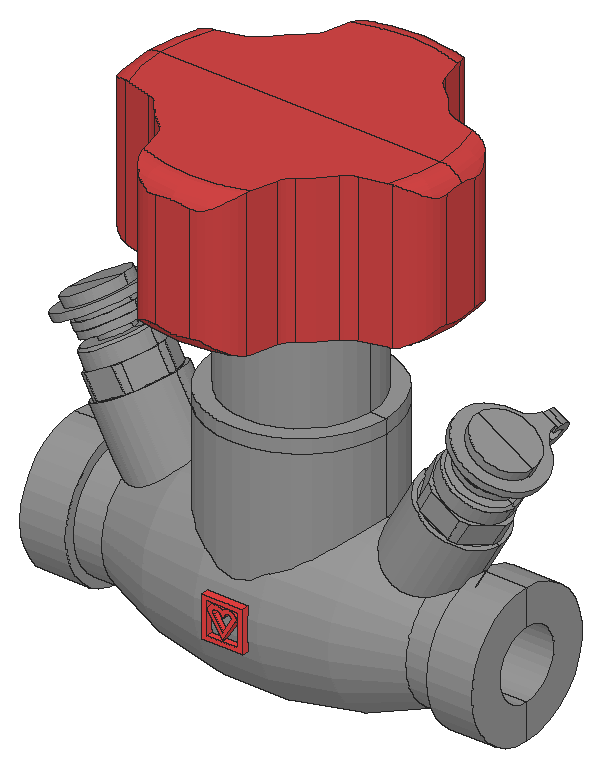
Revit family "HERZ Strömax Commissioning Valve With Test Points, Straight Body 4217 GM (LF-MF)", category Rohrzubehör, Revit 2020
Family settings
  Bemaßung runder Anschluss = Durchmesser verwenden
  Teiletyp = Unterbricht
  OmniClass-Nummer = 23.65.55.14
  OmniClass-Titel = Valves for Liquid Services
  Arbeitsebenenbasiert = Nein
  Immer vertikal = Ja
  Beim Laden mit Abzugskörper schneiden = Nein
  Gemeinsam genutzt = Nein
Parameters (values of type "MF")
  kvs-value [instance] = if(and(LF, Nennweite = 15.00 mm), 0.93, if(and(MF, Nennweite = 15.00 mm), 3.49, 0))  # 3.49
  W02 = 60.00°  # constant formula
  W01 = 30.00°  # constant formula
  Vorgabe-Ansicht = 0.00 mm
  URL = "www.herzvalves.com"
  SC_NennweiteBerechnet = 0
  SC_Dimension = ""
  SCRNSEQ = "ARM;ARM_TYP=\"STRV\";2"
  SCRNCODE = "05;07;02"  # constant formula
  S02 = 60.00 mm  # constant formula
  S01 [instance] = H00 + H01  # 68.20 mm
  R01 [instance] = 21.00 mm  # constant formula
  Part number [instance] = if(and(LF, Nennweite = 15.00 mm), 1421730, if(and(MF, Nennweite = 15.00 mm), 1421731, 0))  # 1421731
  Nennweite [instance] = 15.00 mm
  Model = "STRÖMAX-GM commissioning valve with test points, 1/2′′ – 3′′:\r\nScrew down model, brass version, socket x socket, non-rising spindle, spindle seal by means of double-O-ring, presetting by limitation of valve lift by means of internal spindle;\r\ndigital display of presetting step at the hand wheel window.\r\n2 standard test points are located adjacent to the hand wheel."
  Medium = "Water purity in accordance with the OeNORM H5195 and VDI 2035 standards.\r\nEthylene and propylene glycol can be mixed to a ratio of 25 - 50 vol. [%]."
  Max. operating pressure = 1600000.0 Pa  # constant formula
  Max. operating temperature (up to DN32) = 130 °C  # constant formula
  Max. operating temperature (from DN40) = 110 °C  # constant formula
  ML02 [instance] = 30.20 mm  # constant formula
  ML01 [instance] = 20.67 mm  # constant formula
  MF [instance] = yes
  MD01 = 9.50 mm  # constant formula
  LF [instance] = no
  L02 [instance] = 10.00 mm  # constant formula
  L01 [instance] = 16.30 mm  # constant formula
  L00 [instance] = 100.00 mm  # constant formula
  IG [instance] = Nennweite / 2  # 7.50 mm
  Hersteller = "HERZ Armaturen Ges.m.b.H."  # constant formula
  H04 [instance] = 2.50 mm  # constant formula
  H03 = 10.00 mm  # constant formula
  H02 [instance] = 3.00 mm  # constant formula
  H01 [instance] = 33.30 mm  # constant formula
  H00 [instance] = 34.90 mm  # constant formula
  Weight [instance] = if(and(LF, Nennweite = 15.00 mm), "0.86 kg", if(and(MF, Nennweite = 15.00 mm), "0.89 kg", "0 kg"))  # "0.89 kg"
  GT [instance] = 15.00 mm  # constant formula
  Field of application = "For hydraulic balancing in heating and cooling systems, adjustment of distribution mains, circuits, heat exchangers, heating and cooling registers, etc."
  Installation position = "The non-rising valve spindle arranged perpendicular to the valve axis guarantees optimum accessibility and optimum valve operation in any installation position."
  Differential pressure measurement = "STRÖMAX-GM commissioning valve is equipped with two test points.\r\nThe differential pressure can be measured using a suitable measuring instrument, which permits calculation of the flow rate as a function of the respective presetting step.\r\nThe HERZ-Measuring computer (1 8900 05) permits direct flow rate reading (consult the equipment manual)."
  DN50-DN80 [instance] = H00 + H01  # 68.20 mm
  DN15-DN40 [instance] = H00 + H01  # 68.20 mm
  DN15 [instance] = Nennweite = 15.00 mm  # yes
  D06 [instance] = 15.40 mm  # constant formula
  D05 [instance] = 13.15 mm  # constant formula
  D04 = 9.00 mm  # constant formula
  D03 [instance] = 19.00 mm  # constant formula
  D02 [instance] = 15.25 mm  # constant formula
  D01 [instance] = 13.20 mm  # constant formula
  Body = "DZR brass"  # constant formula
Types (3, lengths in mm): name | kvs-value | Part number | MF | LF | Weight
  (no name) | 3.49 | 1421731 | yes | no | "0.89 kg"
  LF | 0.93 | 1421730 | no | yes | "0.86 kg"
  MF | 3.49 | 1421731 | yes | no | "0.89 kg"
Reference planes
  plane 1 "Mitte (Vorne/hinten)": y = 0
  plane 2: z = 0
  plane 3 "Mitte (Links/rechts)": x = 0
Forms (mm)
  Revolve 1, solid, material "Messing, weicher Gelbton, geschweißt", detail levels fine
    sketch origin (0, 0, 0) x (1, 0, 0) y (0, 0, 1)
      loop
        line (-50, 15.25) -> (-50, 7.5) -> (-35, 7.5) -> (-35, 0) -> (35, 0) -> (35, 7.5) -> (50, 7.5) -> (50, 15.25) -> (40, 15.25) -> (40, 13.2) -> (33.7, 13.2)
        arc (33.7, 13.2) -> (0, 21) -> (-33.7, 13.2) r 76.701
        line (-33.7, 13.2) -> (-40, 13.2) -> (-40, 15.25) -> (-50, 15.25)
      axis (-50, 0) -> (50, 0)
    angle from 0 to 360
  Revolve 2, solid, material "Messing, weicher Gelbton, geschweißt", detail levels fine
    sketch origin (0, 0, 0) x (1, 0, 0) y (0, 0, 1)
      loop
        line (20.67, 0) -> (35.77, 26.154) -> (27.543, 30.904) -> (12.443, 4.75) -> (20.67, 0)
      axis (20.67, 0) -> (35.77, 26.154)
    angle from 0 to 360
  Revolve 3, solid, material "Messing, weicher Gelbton, geschweißt", detail levels fine
    sketch origin (0, 0, 0) x (1, 0, 0) y (0, 0, 1)
      loop
        line (0, 0) -> (0, 34.9) -> (-19, 34.9) -> (-19, 0) -> (0, 0)
      axis (0, 34.9) -> (0, 0)
    angle from 0 to 360
  Revolve 4, solid, material "Messing, weicher Gelbton, geschweißt", detail levels fine
    sketch origin (0, 0, 0) x (-1, 0, 0) y (0, 0, 1)
      loop
        line (20.67, 0) -> (35.77, 26.154) -> (27.543, 30.904) -> (12.443, 4.75) -> (20.67, 0)
      axis (20.67, 0) -> (35.77, 26.154)
    angle from 0 to 360
  Revolve 5, solid, material "Messing, weicher Gelbton, geschweißt", detail levels fine
    sketch origin (0, 0, 0) x (1, 0, 0) y (0, 0, 1)
      loop
        line (0, 34.9) -> (0, 68.2) -> (-9, 68.2) -> (-9, 58.2) -> (-13.15, 58.2) -> (-13.15, 55.7) -> (-15.4, 55.7) -> (-15.4, 37.9) -> (-19, 37.9) -> (-19, 34.9) -> (0, 34.9)
      axis (0, 68.2) -> (0, 34.9)
    angle from 0 to 360
Lines and regions (mm)
  model lines, detail levels coarse+medium
    curve 1: line (-50, 0, 15.25) -> (-50, 0, -15.25)
    curve 2: line (-50, 0, -15.25) -> (50, 0, 15.25)
    curve 3: line (50, 0, 15.25) -> (50, 0, -15.25)
    curve 4: line (50, 0, -15.25) -> (-50, 0, 15.25)
    curve 5: line (0, 0, 0) -> (39.375, 0, 68.2)
    curve 6: line (13.395, 0, 83.2) -> (65.356, 0, 53.2)
    curve 7: line (-50, 15.25, 0) -> (-50, -15.25, 0)
    curve 8: line (-50, -15.25, 0) -> (50, 15.25, 0)
    curve 9: line (50, 15.25, 0) -> (50, -15.25, 0)
    curve 10: line (50, -15.25, 0) -> (-50, 15.25, 0)
    curve 11: line (0, 0, 0) -> (39.375, 68.2, 0)
    curve 12: line (13.395, 83.2, 0) -> (65.356, 53.2, 0)
Dimensions and locks
  "IG": Revolve 1 sketch curve to plane 2
  "GT": Revolve 1 sketch curve to Revolve 1 sketch curve  (x2)
  "IG": Revolve 1 sketch curve to Revolve 1 sketch curve
  "D01": Revolve 1 sketch curve to Revolve 1 sketch curve  (x2)
  "R01": Revolve 1 sketch curve to Revolve 1 sketch curve
  "L02": Revolve 1 sketch curve to Revolve 1 sketch curve  (x2)
  "L01": Revolve 1 sketch curve to Revolve 1 sketch curve  (x2)
  "D02": Revolve 1 sketch curve to plane 2  (x2)
  equal spacing: Revolve 1 sketch curve, plane 3 "Mitte (Links/rechts)", Revolve 1 sketch curve
  "L00": Revolve 1 sketch curve to Revolve 1 sketch curve
  "R01": nested 1 to plane 1 "Mitte (Vorne/hinten)"
  "ML01": Revolve 2 sketch curve to plane 3 "Mitte (Links/rechts)"
  "H00": Revolve 3 sketch curve to plane 2
  "D03": Revolve 3 sketch curve to Revolve 3 sketch curve
  "ML02": Revolve 2 sketch curve to Revolve 2 sketch curve
  "MD01": Revolve 2 sketch curve to Revolve 2 sketch curve  (x2)
  "ML02": Revolve 4 sketch curve to Revolve 4 sketch curve
  "MD01": Revolve 4 sketch curve to Revolve 4 sketch curve  (x2)
  "ML01": plane 3 "Mitte (Links/rechts)" to Revolve 4 sketch curve
  "H00": Revolve 5 sketch curve to plane 2
  "H01": Revolve 5 sketch curve to Revolve 5 sketch curve
  "D04": Revolve 5 sketch curve to Revolve 5 sketch curve
  "D03": Revolve 5 sketch curve to Revolve 5 sketch curve
  "D05": Revolve 5 sketch curve to Revolve 5 sketch curve
  "D06": Revolve 5 sketch curve to Revolve 5 sketch curve
  "H02": Revolve 5 sketch curve to Revolve 5 sketch curve
  "H03": Revolve 5 sketch curve to Revolve 5 sketch curve
  "H04": Revolve 5 sketch curve to Revolve 5 sketch curve
  "DN15-DN40": nested 2 to plane 2
  "D02": curve 4 to plane 2 to curve 2
  "D02": curve 3 to plane 2 to curve 4
  equal spacing: curve 1, plane 3 "Mitte (Links/rechts)", curve 3
  "L00": curve 1 to curve 3
  equal spacing: Revolve 1, curve 5, Revolve 1
  "S01": curve 5 to plane 2
  equal spacing: curve 6, curve 5, curve 6
  "S02": curve 6 to curve 6
  "D02": curve 8 to plane 1 "Mitte (Vorne/hinten)" to curve 10
  "D02": curve 10 to plane 1 "Mitte (Vorne/hinten)" to curve 9
  equal spacing: curve 7, plane 3 "Mitte (Links/rechts)", curve 9
  "L00": curve 7 to curve 9
  equal spacing: curve 7, curve 11, curve 9
  "S01": plane 1 "Mitte (Vorne/hinten)" to curve 11
  equal spacing: curve 12, curve 11, curve 12
  "S02": curve 12 to curve 12
  "W01": angle Revolve 2 sketch curve to plane 3 "Mitte (Links/rechts)"  (x2)
  "W01": angle plane 3 "Mitte (Links/rechts)" to Revolve 4 sketch curve  (x2)
  "W02": angle plane 2 to curve 5
  "W02": angle plane 1 "Mitte (Vorne/hinten)" to curve 11
  aligned and locked: level to plane 2
Automatic sketch dimensions
  Revolve 1 sketch curve to level = 0.00 mm  (x2)
  Revolve 1 sketch curve to Revolve 1 sketch curve = 1429.986 mm
  Revolve 1 sketch curve to Revolve 1 sketch curve = 1762.604 mm
  Revolve 2 sketch curve to level = 0.00 mm  (x2)
  Revolve 3 sketch curve to level = 0.00 mm
  Revolve 3 sketch curve to plane 3 "Mitte (Links/rechts)" = 0.00 mm  (x2)
  Revolve 3 sketch curve to Revolve 3 sketch curve = 366.045 mm
  Revolve 3 sketch curve to Revolve 3 sketch curve = 2179.415 mm
  Revolve 4 sketch curve to level = 0.00 mm  (x2)
  Revolve 5 sketch curve to plane 3 "Mitte (Links/rechts)" = 0.00 mm  (x2)
  Revolve 5 sketch curve to level = 366.045 mm
  Revolve 5 sketch curve to Revolve 5 sketch curve = 2146.115 mm
Nested families
  nested 1: "Herz-Logo-vorne" at (0, -21, 0) x (0, 1, 0) z (0, 0, 1), type "Herz-Logo-vorne", detail levels fine
  nested 2: "Strangregulierventil-Handrad-Gerade (Rot) DN15-DN40" at (0, 0, 68.2), visible <- "DN15", type "Strangregulierventil-Handrad-Gerade (Rot) DN15-DN40", detail levels fine
    with Nennweite 0.00 mm, Gewicht 0.00 kg, Bestellnummer 0
  nested 3: "Messstutzen_Band_Austritt_30Grad_(oben)" at (27.02, 0, 10.999), visible <- "DN15", type "Messstutzen_Band_Austritt_30Grad_(oben)", detail levels fine
    with Schutzkappe yes, Nennweite 0.00 mm, Gewicht 0.00 kg, Bestellnummer 0
  nested 4: "Messstutzen_Band_Eintritt_30Grad_(oben)" at (-27.02, 0, 10.999) x (-1, 0, 0) z (0, 0, 1), visible <- "DN15", type "Messstutzen_Band_Eintritt_30Grad_(oben)", detail levels fine
    with Schutzkappe yes, Nennweite 0.00 mm, Gewicht 0.00 kg, Bestellnummer 0
Connectors
  piping at (-35, 0, 0), diameter 15, driven by "Nennweite"
    settings: on Revolve 1, index 1, connector inside diameter 609.6 mm, connector length 0.00 mm, flow factor 0, pipe flow 0.0 L/s, pressure drop 0.0 Pa, fitting loss kfactor 0, connector angle 0.00°, fixture units 0, engagement length 0.00 mm, angle of deflection 0.00°, flow configuration 0, flow direction 1, fitting loss method 0, system type 29, joint type 0, gender type 0, connector reference index -1, connector utility 0, adjustable connector no, is connector primary yes, connector description ""
  piping at (35, 0, 0), diameter 15, driven by "Nennweite"
    settings: on Revolve 1, index 2, connector inside diameter 609.6 mm, connector length 0.00 mm, flow factor 0, pipe flow 0.0 L/s, pressure drop 0.0 Pa, fitting loss kfactor 0, connector angle 0.00°, fixture units 0, engagement length 0.00 mm, angle of deflection 0.00°, flow configuration 0, flow direction 2, fitting loss method 0, system type 29, joint type 0, gender type 0, connector reference index -1, connector utility 0, adjustable connector no, is connector primary no, connector description ""
Definition of nested family "Herz-Logo-vorne"
  Parameters (values of type "Herz-Logo-vorne")
    Default Elevation = 0.00 mm
  Reference planes
    plane 1 "Mitte (Vorne/hinten)": y = 0
    plane 2: z = 0
    plane 3 "Mitte (Links/rechts)": x = 0
  Forms (mm)
    Extrusion 1, solid
      sketch origin (0.732, -0.018, 0.017) x (0, -1, 0) y (0, 0, 1)
        loop
          line (-0.018, -4.517) -> (4.482, -4.517) -> (4.482, 4.483) -> (-4.518, 4.483) -> (-4.518, -4.517) -> (-0.018, -4.517)
        loop
          line (-0.05, -3.48) -> (3.482, -3.48) -> (3.482, 3.483) -> (-3.518, 3.483) -> (-3.518, -3.48) -> (-0.05, -3.48)
        loop
          arc (-0.018, 2.383) -> (-1.543, 3.287) -> (-3.067, 2.383) r 1.738
          arc (-3.067, 2.383) -> (-3.191, 1.899) -> (-3.067, 1.415) r 1.009
          line (-3.067, 1.415) -> (-0.018, -3.281) -> (3.032, 1.415)
          arc (3.032, 1.415) -> (3.156, 1.899) -> (3.032, 2.383) r 1.009
          arc (3.032, 2.383) -> (1.507, 3.287) -> (-0.018, 2.383) r 1.738
        loop
          arc (1.885, 1.272) -> (2.005, 1.675) -> (1.885, 2.079) r 0.74
          arc (1.885, 2.079) -> (1.265, 2.416) -> (0.644, 2.079) r 0.74
          line (0.644, 2.079) -> (-0.018, 0.97) -> (-0.679, 2.079)
          arc (-0.679, 2.079) -> (-1.3, 2.416) -> (-1.921, 2.079) r 0.74
          arc (-1.921, 2.079) -> (-2.04, 1.675) -> (-1.921, 1.272) r 0.74
          line (-1.921, 1.272) -> (-0.018, -1.658) -> (1.885, 1.272)
      from 0 to 1.5
  Dimensions and locks
    aligned and locked: level to plane 2
Definition of nested family "Strangregulierventil-Handrad-Gerade (Rot) DN15-DN40"
  Parameters (values of type "Strangregulierventil-Handrad-Gerade (Rot) DN15-DN40")
    Default Elevation = 0.00 mm
    URL = "www.herz-armaturen.at"
    Nennweite [instance] = 0.00 mm
    Manufacturer = "Herz Armaturen GmbH"  # constant formula
    Gewicht [instance] = 0.00 kg
    Bestellnummer [instance] = 0
  Reference planes
    plane 1 "Mitte (Vorne/hinten)": y = 0
    plane 2: z = 0
    plane 3 "Mitte (Links/rechts)": x = 0
  Forms (mm)
    Revolve 1, solid, detail levels fine
      sketch origin (0, 0, 0) x (1, 0, 0) y (0, 0, 1)
        loop
          line (0, 0) -> (0, 24.95) -> (-30.992, 24.95)
          arc (-30.992, 24.95) -> (-34.37, 23.636) -> (-35.973, 20.386) r 5
          line (-35.973, 20.386) -> (-37, 8.65) -> (-35.986, -2.936)
          arc (-35.986, -2.936) -> (-34.383, -6.186) -> (-31.005, -7.5) r 5
          line (-31.005, -7.5) -> (-15, -7.5) -> (-15, 0) -> (0, 0)
        axis (0, 24.95) -> (0, -7.5)
      angle from 0 to 360
    Extrusion 2, void
      sketch origin (0, 0, 20.3) x (1, 0, 0) y (0, 1, 0)
        loop
          line (3.861, 35.5) -> (-3.861, 35.5)
          arc (-3.861, 35.5) -> (-8.731, 33.847) -> (-11.589, 29.571) r 8
          line (-11.589, 29.571) -> (-13.284, 23.245)
          arc (-13.284, 23.245) -> (-13.982, 21.722) -> (-15.144, 20.516) r 5
          arc (-15.144, 20.516) -> (-18.031, 18.031) -> (-20.516, 15.144) r 25.5
          arc (-20.516, 15.144) -> (-21.722, 13.982) -> (-23.245, 13.284) r 5
          line (-23.245, 13.284) -> (-29.571, 11.589)
          arc (-29.571, 11.589) -> (-33.847, 8.731) -> (-35.5, 3.861) r 8
          line (-35.5, 3.861) -> (-35.5, -3.861)
          arc (-35.5, -3.861) -> (-33.847, -8.731) -> (-29.571, -11.589) r 8
          line (-29.571, -11.589) -> (-23.245, -13.284)
          arc (-23.245, -13.284) -> (-21.722, -13.982) -> (-20.516, -15.144) r 5
          arc (-20.516, -15.144) -> (-18.031, -18.031) -> (-15.144, -20.516) r 25.5
          arc (-15.144, -20.516) -> (-13.982, -21.722) -> (-13.284, -23.245) r 5
          line (-13.284, -23.245) -> (-11.589, -29.571)
          arc (-11.589, -29.571) -> (-8.731, -33.847) -> (-3.861, -35.5) r 8
          line (-3.861, -35.5) -> (3.861, -35.5)
          arc (3.861, -35.5) -> (8.731, -33.847) -> (11.589, -29.571) r 8
          line (11.589, -29.571) -> (13.284, -23.245)
          arc (13.284, -23.245) -> (13.982, -21.722) -> (15.144, -20.516) r 5
          arc (15.144, -20.516) -> (18.031, -18.031) -> (20.516, -15.144) r 25.5
          arc (20.516, -15.144) -> (21.722, -13.982) -> (23.245, -13.284) r 5
          line (23.245, -13.284) -> (29.571, -11.589)
          arc (29.571, -11.589) -> (33.847, -8.731) -> (35.5, -3.861) r 8
          line (35.5, -3.861) -> (35.5, 3.861)
          arc (35.5, 3.861) -> (33.847, 8.731) -> (29.571, 11.589) r 8
          line (29.571, 11.589) -> (23.245, 13.284)
          arc (23.245, 13.284) -> (21.722, 13.982) -> (20.516, 15.144) r 5
          arc (20.516, 15.144) -> (18.031, 18.031) -> (15.144, 20.516) r 25.5
          arc (15.144, 20.516) -> (13.982, 21.722) -> (13.284, 23.245) r 5
          line (13.284, 23.245) -> (11.589, 29.571)
          arc (11.589, 29.571) -> (8.731, 33.847) -> (3.861, 35.5) r 8
        loop
          circle (0, 0) r 38
      from -31.266 to 7.923
  Cuts and joins
    Extrusion 2 cuts Revolve 1
  Dimensions and locks
    Revolve 1 sketch curve to Revolve 1 sketch curve = 15.00 mm
    Revolve 1 sketch curve to Revolve 1 sketch curve = 16.15 mm
    Revolve 1 sketch curve to Revolve 1 sketch curve = 16.30 mm
    angle Revolve 1 sketch curve to Revolve 1 sketch curve = 95.00°
    aligned and locked: level to plane 2
Definition of nested family "Messstutzen_Band_Austritt_30Grad_(oben)"
  Parameters (values of type "Messstutzen_Band_Austritt_30Grad_(oben)")
    Default Elevation = 0.00 mm
    URL = "www.herz-armaturen.at"
    Schutzkappe [instance] = yes
    Nennweite [instance] = 0.00 mm
    Manufacturer = "Herz Armaturen GmbH"  # constant formula
    Gewicht [instance] = 0.00 kg
    Bestellnummer [instance] = 0
  Reference planes
    plane 1 "Mitte (Vorne/hinten)": y = 0
    plane 2: z = 0
    plane 3 "Mitte (Links/rechts)": x = 0
  Forms (mm)
    Revolve 1, solid, detail levels fine
      sketch origin (0, 0, 0) x (0.866025, 0, -0.5) y (0.5, 0, 0.866025)
        loop
          line (-7.4, 9) -> (-5.55, 9) -> (-5.55, 6)
          arc (-5.55, 6) -> (-5.626, 5.617) -> (-5.843, 5.293) r 1
          line (-5.843, 5.293) -> (-6.455, 4.681) -> (-6.455, 0.9) -> (-5.555, 0) -> (-2, 0) -> (-2, 17.5) -> (-8.4, 17.5)
          arc (-8.4, 17.5) -> (-7.693, 17.207) -> (-7.4, 16.5) r 1
          line (-7.4, 16.5) -> (-7.4, 9)
        loop
          line (-3.7, 27) -> (-7.3, 27) -> (-7.9, 26.4) -> (-7.9, 23) -> (-2, 23) -> (-2, 35.8) -> (-3.805, 35.8) -> (-4.415, 35.19) -> (-4.415, 30.863) -> (-3.7, 30.45) -> (-3.7, 27)
        axis (0, 0) -> (0, 35.8)
      angle from 0 to 360
    Extrusion 2, solid, detail levels fine
      sketch origin (8.75, 0, 15.155) x (0, 1, 0) y (-0.866025, 0, 0.5)
        loop
          arc (-7.07, 5.156) -> (-7.578, 4.375) -> (-8, 3.544) r 8.75
          line (-8, 3.544) -> (-8, -3.544)
          arc (-8, -3.544) -> (-7.578, -4.375) -> (-7.07, -5.156) r 8.75
          line (-7.07, -5.156) -> (-0.93, -8.7)
          arc (-0.93, -8.7) -> (0, -8.75) -> (0.93, -8.7) r 8.75
          line (0.93, -8.7) -> (7.07, -5.156)
          arc (7.07, -5.156) -> (7.578, -4.375) -> (8, -3.544) r 8.75
          line (8, -3.544) -> (8, 3.544)
          arc (8, 3.544) -> (7.578, 4.375) -> (7.07, 5.156) r 8.75
          line (7.07, 5.156) -> (0.93, 8.7)
          arc (0.93, 8.7) -> (0, 8.75) -> (-0.93, 8.7) r 8.75
          line (-0.93, 8.7) -> (-7.07, 5.156)
      from 0 to 5.5
    Revolve 3, solid, visible <- "Schutzkappe", detail levels fine
      sketch origin (0, 0, 0) x (0.866025, 0, -0.5) y (0.5, 0, 0.866025)
        loop
          line (0, 35.878) -> (0, 36.678) -> (-7, 36.678) -> (-7, 33.378) -> (-6.1, 33.378) -> (-6.1, 31.678) -> (-6.9, 31.678) -> (-6.9, 30.178) -> (-4.415, 30.178) -> (-4.415, 35.268) -> (-3.805, 35.878) -> (0, 35.878)
        axis (0, 30.178) -> (0, 36.678)
      angle from 0 to 360
    Extrusion 4, solid, detail levels fine
      sketch origin (14.25, 0, 24.682) x (0, 1, 0) y (0.866025, 0, -0.5)
        loop
          circle (0, 0) r 3.7
        loop
          arc (5.505, -3.906) -> (7.288, -2.358) -> (9.582, -1.8) r 5
          line (9.582, -1.8) -> (9.582, 1.8)
          arc (9.582, 1.8) -> (7.288, 2.358) -> (5.505, 3.906) r 5
          arc (5.505, 3.906) -> (-6.75, 0) -> (5.505, -3.906) r 6.75
      from 0 to -1.5
    Extrusion 5, solid, detail levels fine
      sketch origin (16.589, 0, 28.733) x (0, 1, 0) y (0.866025, 0, -0.5)
        loop
          circle (0, 0) r 6.1
        loop
          arc (8.652, -4.495) -> (10.493, -2.527) -> (13.089, -1.8) r 5
          line (13.089, -1.8) -> (13.089, 1.8)
          arc (13.089, 1.8) -> (10.493, 2.527) -> (8.652, 4.495) r 5
          arc (8.652, 4.495) -> (-9.75, 0) -> (8.652, -4.495) r 9.75
      from 0 to -1.5
    Sweep 6, solid, detail levels fine
      path origin (1.029, 0.159, 0.98) x (-0.5, 0, -0.866025) y (0, 1, 0)
        loop
          line (-27.75, 9.582) -> (-27.75, 14.522)
          arc (-27.75, 14.522) -> (-30.089, 16.862) -> (-32.428, 14.522) r 2.339
          line (-32.428, 14.522) -> (-32.428, 13.089)
      profile origin (14.904, 12.211, 25.012) x (0.5, 0, 0.866025) y (0.866025, 0, -0.5)
        loop
          line (-0.75, -1.8) -> (0.75, -1.8) -> (0.75, 1.8) -> (-0.75, 1.8) -> (-0.75, -1.8)
  Dimensions and locks
    aligned and locked: level to plane 2
Definition of nested family "Messstutzen_Band_Eintritt_30Grad_(oben)"
  Parameters (values of type "Messstutzen_Band_Eintritt_30Grad_(oben)")
    Default Elevation = 0.00 mm
    URL = "www.herz-armaturen.at"
    Schutzkappe [instance] = yes
    Nennweite [instance] = 0.00 mm
    Manufacturer = "Herz Armaturen GmbH"  # constant formula
    Gewicht [instance] = 0.00 kg
    Bestellnummer [instance] = 0
  Reference planes
    plane 1 "Mitte (Vorne/hinten)": y = 0
    plane 2: z = 0
    plane 3 "Mitte (Links/rechts)": x = 0
  Forms (mm)
    Revolve 1, solid, detail levels fine
      sketch origin (0, 0, 0) x (0.866025, 0, -0.5) y (0.5, 0, 0.866025)
        loop
          line (-7.4, 9) -> (-5.55, 9) -> (-5.55, 6)
          arc (-5.55, 6) -> (-5.626, 5.617) -> (-5.843, 5.293) r 1
          line (-5.843, 5.293) -> (-6.455, 4.681) -> (-6.455, 0.9) -> (-5.555, 0) -> (-2, 0) -> (-2, 17.5) -> (-8.4, 17.5)
          arc (-8.4, 17.5) -> (-7.693, 17.207) -> (-7.4, 16.5) r 1
          line (-7.4, 16.5) -> (-7.4, 9)
        loop
          line (-3.7, 27) -> (-7.3, 27) -> (-7.9, 26.4) -> (-7.9, 23) -> (-2, 23) -> (-2, 35.8) -> (-3.805, 35.8) -> (-4.415, 35.19) -> (-4.415, 30.863) -> (-3.7, 30.45) -> (-3.7, 27)
        axis (0, 0) -> (0, 35.8)
      angle from 0 to 360
    Extrusion 2, solid, detail levels fine
      sketch origin (8.75, 0, 15.155) x (0, 1, 0) y (-0.866025, 0, 0.5)
        loop
          arc (-7.07, 5.156) -> (-7.578, 4.375) -> (-8, 3.544) r 8.75
          line (-8, 3.544) -> (-8, -3.544)
          arc (-8, -3.544) -> (-7.578, -4.375) -> (-7.07, -5.156) r 8.75
          line (-7.07, -5.156) -> (-0.93, -8.7)
          arc (-0.93, -8.7) -> (0, -8.75) -> (0.93, -8.7) r 8.75
          line (0.93, -8.7) -> (7.07, -5.156)
          arc (7.07, -5.156) -> (7.578, -4.375) -> (8, -3.544) r 8.75
          line (8, -3.544) -> (8, 3.544)
          arc (8, 3.544) -> (7.578, 4.375) -> (7.07, 5.156) r 8.75
          line (7.07, 5.156) -> (0.93, 8.7)
          arc (0.93, 8.7) -> (0, 8.75) -> (-0.93, 8.7) r 8.75
          line (-0.93, 8.7) -> (-7.07, 5.156)
      from 0 to 5.5
    Revolve 3, solid, visible <- "Schutzkappe", detail levels fine
      sketch origin (0, 0, 0) x (0.866025, 0, -0.5) y (0.5, 0, 0.866025)
        loop
          line (0, 35.878) -> (0, 36.678) -> (-7, 36.678) -> (-7, 33.378) -> (-6.1, 33.378) -> (-6.1, 31.678) -> (-6.9, 31.678) -> (-6.9, 30.178) -> (-4.415, 30.178) -> (-4.415, 35.268) -> (-3.805, 35.878) -> (0, 35.878)
        axis (0, 30.178) -> (0, 36.678)
      angle from 0 to 360
    Extrusion 4, solid, detail levels fine
      sketch origin (14.25, 0, 24.682) x (0, 1, 0) y (0.866025, 0, -0.5)
        loop
          circle (0, 0) r 3.7
        loop
          arc (5.505, -3.906) -> (7.288, -2.358) -> (9.582, -1.8) r 5
          line (9.582, -1.8) -> (9.582, 1.8)
          arc (9.582, 1.8) -> (7.288, 2.358) -> (5.505, 3.906) r 5
          arc (5.505, 3.906) -> (-6.75, 0) -> (5.505, -3.906) r 6.75
      from 0 to -1.5
    Extrusion 5, solid, detail levels fine
      sketch origin (16.589, 0, 28.733) x (0, 1, 0) y (0.866025, 0, -0.5)
        loop
          circle (0, 0) r 6.1
        loop
          arc (8.652, -4.495) -> (10.493, -2.527) -> (13.089, -1.8) r 5
          line (13.089, -1.8) -> (13.089, 1.8)
          arc (13.089, 1.8) -> (10.493, 2.527) -> (8.652, 4.495) r 5
          arc (8.652, 4.495) -> (-9.75, 0) -> (8.652, -4.495) r 9.75
      from 0 to -1.5
    Sweep 6, solid, detail levels fine
      path origin (0.933, -0.183, 1.116) x (-0.5, 0, -0.866025) y (0, 1, 0)
        loop
          line (-27.75, 9.582) -> (-27.75, 14.522)
          arc (-27.75, 14.522) -> (-30.089, 16.862) -> (-32.428, 14.522) r 2.339
          line (-32.428, 14.522) -> (-32.428, 13.089)
      profile origin (14.808, 11.869, 25.148) x (0.5, 0, 0.866025) y (0.866025, 0, -0.5)
        loop
          line (-0.75, -1.8) -> (0.75, -1.8) -> (0.75, 1.8) -> (-0.75, 1.8) -> (-0.75, -1.8)
  Dimensions and locks
    aligned and locked: level to plane 2
